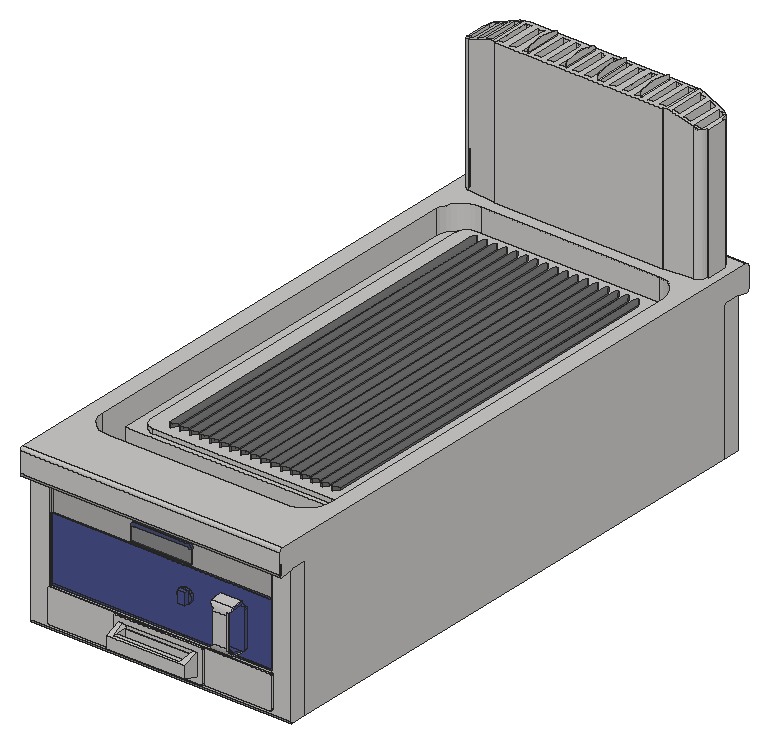
Revit family "QF_ELECTROLUXPROFESSIONAL_593320_MCHMAAHOVO", category Specialty Equipment, Revit 2018
Family settings
  Round Connector Dimension = Use Diameter
  Part Type = Normal
  Work Plane-Based = No
  Always vertical = Yes
  Cut with Voids When Loaded = No
  Shared = No
  Room Calculation Point = No
Parameters (values of type "Standard")
  Weight = 120.00 kg
  Watts = 0 W
  Volts = 0 V
  URL Manufacturer = "http://professional.electrolux.com"
  URL = "http://professional.electrolux.com"
  Steam Supply Size = 0"
  Steam Supply Minimum Pressure = 0.00 psi
  Steam Supply Maximum Pressure = 0.00 psi
  Steam Pounds per Hour = 0
  Show Clearance [instance] = yes
  Refrigeration Suction Line Size = 0 mm
  Refrigeration Liquid Line Size = 0 mm
  Refrigerant Compressor Remote = yes
  Phase = 0
  Model = "MCHMAAHOVO"
  Manufacturer = "Electrolux Professional"
  Length Actual = 800 mm  # constant formula
  Item Number = "593320"
  Hot Water Size = 0"
  Height Actual = 250 mm  # constant formula
  HP = "0 HP"
  Gas Size = 1/2"
  Gas KW = 20
  Gas Input Pressure = 1.63571 Btu/h
  Direct Waste Size = 0"
  Description = "GAS FRYTOP,SMT,TOWNGAS,2Z,800X900X250"
  Depth Actual = 900 mm  # constant formula
  Cycle = 0 Hz
  Condensate Return Size = 0"
  Compressed Air Volume = 0 GPM
  Compressed Air Size = 0"
  Compressed Air Pressure = 0.00 psi
  Cold Water Size = 0"
  Back Panel [instance] = yes
  Accessory = yes
Reference planes
  plane 1 "BACK": y = 0
  plane 2: z = 0
  plane 3 "LEFT": x = 0
  plane 4 "RIGHT": x = 400
  plane 5 "FRONT": y = -900
  plane 6 "TOP": z = 250
  plane 7: x = 200
  plane 8: y = -450
  plane 9: z = 481
  plane 10: y = -1330
Forms (mm)
  Extrusion 1, solid, material "QF_Finishes_Stainless Steel"
    sketch origin (0, -487.128, 0) x (0, 1, 0) y (0, 0, 1)
      loop
        line (483.128, 250) -> (-408.872, 250)
        arc (-408.872, 250) -> (-411.7, 248.828) -> (-412.872, 246) r 4
        line (-412.872, 246) -> (-412.872, 214)
        arc (-412.872, 214) -> (-411.443, 210.936) -> (-408.177, 210.061) r 4
        line (-408.177, 210.061) -> (-391.509, 213) -> (-366.872, 213) -> (-366.872, 0) -> (441.128, 0) -> (441.128, 213) -> (465.765, 213) -> (482.433, 210.061)
        arc (482.433, 210.061) -> (485.699, 210.936) -> (487.128, 214) r 4
        line (487.128, 214) -> (487.128, 246)
        arc (487.128, 246) -> (485.956, 248.828) -> (483.128, 250) r 4
    from 0 to 400
  Extrusion 2, solid, material "QF_Finishes_Stainless Steel", visible <- "Back Panel"
    sketch origin (0, 0, 0) x (0, 1, 0) y (0, 0, 1)
      loop
        line (-46, 0) -> (-20, 0) -> (-20, 213) -> (-46, 213) -> (-46, 0)
    from 0 to 400
  Extrusion 3, void
    sketch origin (653.786, 44.048, 250) x (1, 0, 0) y (0, -1, 0)
      loop
        line (-590.636, 138.048) -> (-316.936, 138.048)
        arc (-316.936, 138.048) -> (-289.96, 149.222) -> (-278.786, 176.198) r 38.15
        line (-278.786, 176.198) -> (-278.786, 816.572)
        arc (-278.786, 816.572) -> (-290.056, 843.779) -> (-317.263, 855.048) r 38.476
        line (-317.263, 855.048) -> (-591.786, 855.048)
        arc (-591.786, 855.048) -> (-617.949, 844.211) -> (-628.786, 818.048) r 37
        line (-628.786, 818.048) -> (-628.786, 176.198)
        arc (-628.786, 176.198) -> (-617.613, 149.222) -> (-590.636, 138.048) r 38.15
    from 0 to 37
  Extrusion 4, void
    sketch origin (1307.573, 92.096, 213) x (0, 1, 0) y (1, 0, 0)
      loop
        line (-821.846, -932.573) -> (-864.62, -932.573)
        arc (-864.62, -932.573) -> (-891.827, -943.842) -> (-903.096, -971.049) r 38.476
        line (-903.096, -971.049) -> (-903.096, -1245.573)
        arc (-903.096, -1245.573) -> (-892.259, -1271.736) -> (-866.096, -1282.573) r 37
        line (-866.096, -1282.573) -> (-821.846, -1282.573) -> (-821.846, -932.573)
    from 0 to 25.6
  Extrusion 5, void
    sketch origin (1307.573, 92.096, 187.4) x (-1, 0, 0) y (0, 1, 0)
      loop
        circle (1212.573, -862.096) r 22.248
    from 0 to 92
  Extrusion 6, solid, material "QF_Finishes_Stainless Steel"
    sketch origin (0, -854, 0) x (1, 0, 0) y (0, -1, 0)
      loop
        circle (365, -264) r 6.35
    from 0 to 3.2
  Extrusion 7, solid, material "QF_Door-Drawer Clearances", visible <- "Show Clearance", detail levels coarse
    sketch origin (237.31, -881.593, 8.62) x (0, 0, 1) y (-1, 0, 0)
      loop
        line (1.973, -134.295) -> (49.317, -134.295)
        arc (49.317, -134.295) -> (50.776, -133.691) -> (51.38, -132.232) r 2.063
        line (51.38, -132.232) -> (51.38, 206.852)
        arc (51.38, 206.852) -> (50.88, 208.549) -> (49.541, 209.705) r 3.133
        line (49.541, 209.705) -> (3.067, 209.705)
        arc (3.067, 209.705) -> (0.898, 208.807) -> (0, 206.638) r 3.067
        line (0, 206.638) -> (0, -132.322)
        arc (0, -132.322) -> (0.578, -133.717) -> (1.973, -134.295) r 1.973
    from 0 to 448.407
  Extrusion 8, solid, material "QF_Clearances", visible <- "Show Clearance", detail levels coarse
    sketch origin (-178.969, -4572, 0) x (-1, 0, 0) y (0, -1, 0)
      loop
        line (-78.969, -3672) -> (-178.969, -3672) -> (-178.969, -4572) -> (-578.969, -4572) -> (-578.969, -3672) -> (-678.969, -3672) -> (-678.969, -4672) -> (-78.969, -4672) -> (-78.969, -3672)
    from 0 to 250
Cuts and joins
  Extrusion 3, Extrusion 4, Extrusion 5 cuts Extrusion 1
Lines and regions (mm)
  symbolic lines
    curve 1: line (293.666, -902.326, 0) -> (293.666, -900, 0)
    curve 2: spline (299.334, -903.73, 0) -> (298.856, -903.657, 0) -> (298.378, -903.575, 0) -> (297.901, -903.486, 0) -> (297.425, -903.389, 0) -> (296.95, -903.283, 0) -> (296.476, -903.17, 0) -> (296.004, -903.049, 0) -> (295.533, -902.92, 0) -> (295.064, -902.783, 0) -> (294.596, -902.638, 0) -> (294.13, -902.486, 0) -> (293.666, -902.326, 0)
    curve 3: line (325.881, -902.326, 0) -> (325.881, -900, 0)
    curve 4: spline (325.881, -902.326, 0) -> (325.417, -902.486, 0) -> (324.951, -902.638, 0) -> (324.483, -902.783, 0) -> (324.014, -902.92, 0) -> (323.543, -903.049, 0) -> (323.071, -903.17, 0) -> (322.597, -903.283, 0) -> (322.122, -903.389, 0) -> (321.646, -903.486, 0) -> (321.169, -903.575, 0) -> (320.691, -903.657, 0) -> (320.213, -903.73, 0)
    curve 5: line (299.334, -903.73, 0) -> (320.213, -903.73, 0)
    curve 6: line (25, -774, 0) -> (25, -132.15, 0)
    curve 7: arc (25, -132.15, 0) -> (36.174, -105.174, 0) -> (63.15, -94, 0) r 38.15
    curve 8: line (63.15, -94, 0) -> (336.85, -94, 0)
    curve 9: arc (336.85, -94, 0) -> (363.826, -105.174, 0) -> (375, -132.15, 0) r 38.15
    curve 10: line (375, -132.15, 0) -> (375, -772.524, 0)
    curve 11: arc (375, -772.524, 0) -> (363.731, -799.731, 0) -> (336.524, -811, 0) r 38.476
    curve 12: line (336.524, -811, 0) -> (62, -811, 0)
    curve 13: arc (62, -811, 0) -> (35.837, -800.163, 0) -> (25, -774, 0) r 37
    curve 14: line (375, -729.75, 0) -> (25, -729.75, 0)
    curve 15: circle (95, -770, 0) r 22.248 normal (0, 0, -1)
    curve 16: line (0, 0, 0) -> (400, 0, 0)
    curve 17: line (0, -900, 0) -> (0, 0, 0)
    curve 18: line (400, -900, 0) -> (0, -900, 0)
    curve 19: line (400, 0, 0) -> (400, -900, 0)
    curve 20: line (147.608, -908.767, 0) -> (250.042, -908.767, 0)
    curve 21: line (250.042, -908.767, 0) -> (251.588, -900, 0)
    curve 22: line (147.608, -908.767, 0) -> (146.062, -900, 0)
  symbolic lines, style "QF_Door-Drawer Clearances"
    curve 23: line (27.605, -1330, 0) -> (27.605, -900, 0)
    curve 24: line (27.605, -1330, 0) -> (371.605, -1330, 0)
    curve 25: line (371.605, -1330, 0) -> (371.605, -900, 0)
  symbolic lines, style "QF_Clearances", visible <- "Show Clearance", detail levels coarse
    curve 26: line (-100, 100, 0) -> (-100, -900, 0)
    curve 27: line (500, 100, 0) -> (-100, 100, 0)
    curve 28: line (500, -900, 0) -> (500, 100, 0)
Dimensions and locks
  plane 3 "LEFT" to plane 4 "RIGHT" = 400 mm
  plane 5 "FRONT" to plane 1 "BACK" = 900 mm
  equal spacing: plane 3 "LEFT", plane 7, plane 4 "RIGHT"
  equal spacing: plane 5 "FRONT", plane 8, plane 1 "BACK"
  plane 6 "TOP" to level = 250 mm  (x2)
  plane 1 "BACK" to plane 5 "FRONT" = 900 mm
  Extrusion 6 sketch curve to plane 1 "BACK" = 590 mm
  Extrusion 6 sketch curve to plane 4 "RIGHT" = 35 mm
  plane 5 "FRONT" to plane 10 = 430 mm
  plane 9 to plane 6 "TOP" = 231 mm
  plane 9 to level = 481 mm
  Extrusion 8 to plane 3 "LEFT" = 100 mm
  plane 4 "RIGHT" to Extrusion 8 = 100 mm
  plane 1 "BACK" to Extrusion 8 = 100 mm
  aligned and locked: level to plane 2
  aligned and locked: plane 7 to nested 1
  aligned and locked: Extrusion 7 to plane 10
  aligned and locked: nested 2 to plane 6 "TOP"
  aligned and locked: plane 6 "TOP" to Extrusion 8
  aligned and locked: plane 7 to nested 3
Automatic sketch dimensions
  Extrusion 2 sketch curve to Extrusion 2 sketch curve = 26 mm
  plane 1 "BACK" to Extrusion 2 sketch curve = 20 mm
  Extrusion 1 to Extrusion 3 sketch curve = 90 mm
  Extrusion 1 to Extrusion 3 sketch curve = 122 mm
  Extrusion 1 to Extrusion 3 sketch curve = 25 mm
  Extrusion 3 sketch curve to Extrusion 3 sketch curve = 38.15 mm  (x2)
  Extrusion 1 to Extrusion 3 sketch curve = 123.476 mm
  Extrusion 1 to Extrusion 3 sketch curve = 85 mm
  Extrusion 3 sketch curve to Extrusion 3 sketch curve = 274.524 mm
  Extrusion 1 sketch curve to plane 5 "FRONT" = 0 mm
  Extrusion 1 sketch curve to plane 6 "TOP" = 0 mm
  Extrusion 1 sketch curve to level = 0 mm
  Extrusion 1 sketch curve to plane 1 "BACK" = 0 mm
  Extrusion 1 sketch curve to plane 6 "TOP" = 37 mm  (x2)
  Extrusion 1 sketch curve to plane 5 "FRONT" = 4 mm
  Extrusion 1 sketch curve to plane 5 "FRONT" = 21.363 mm
  Extrusion 1 sketch curve to plane 5 "FRONT" = 46 mm
  plane 1 "BACK" to Extrusion 1 sketch curve = 21.363 mm
  plane 1 "BACK" to Extrusion 1 sketch curve = 4 mm  (x2)
  Extrusion 1 sketch curve to Extrusion 1 sketch curve = 4 mm
  Extrusion 1 sketch curve to Extrusion 1 sketch curve = 0.695 mm
  Extrusion 1 sketch curve to Extrusion 1 sketch curve = 0 mm  (x4)
  plane 1 "BACK" to Extrusion 1 sketch curve = 4.695 mm
  Extrusion 1 sketch curve to Extrusion 1 sketch curve = 1 mm  (x2)
  plane 1 "BACK" to Extrusion 1 sketch curve = 46 mm
  Extrusion 4 sketch curve to Extrusion 3 = 81.25 mm
  Extrusion 3 to Extrusion 4 sketch curve = 0 mm  (x2)
  Extrusion 4 sketch curve to Extrusion 4 sketch curve = 37 mm
  Extrusion 4 sketch curve to Extrusion 4 sketch curve = 274.524 mm
  Extrusion 4 sketch curve to Extrusion 3 = 38.476 mm
  Extrusion 5 sketch curve to Extrusion 4 = 41 mm
  Extrusion 5 sketch curve to Extrusion 4 = 70 mm
  Extrusion 7 sketch curve to nested 1 = 1.973 mm
  Extrusion 7 sketch curve to nested 1 = 2.853 mm
  Extrusion 7 sketch curve to nested 1 = 1.839 mm
  plane 1 "BACK" to curve 16 = 0 mm
  curve 16 to plane 4 "RIGHT" = 0 mm
  curve 23 to plane 10 = 0 mm
  curve 17 to plane 3 "LEFT" = 0 mm
  plane 5 "FRONT" to curve 25 = 0 mm
  plane 4 "RIGHT" to curve 10 = 25 mm
  curve 10 to curve 8 = 38.15 mm
  curve 11 to curve 12 = 38.476 mm
  plane 5 "FRONT" to curve 21 = 8.767 mm
  plane 5 "FRONT" to curve 3 = 2.326 mm
  plane 7 to curve 3 = 125.881 mm
  plane 5 "FRONT" to curve 5 = 3.73 mm
  curve 3 to curve 5 = 5.669 mm
  curve 5 to curve 22 = 172.605 mm
  curve 5 to curve 20 = 151.727 mm
  plane 5 "FRONT" to curve 1 = 2.326 mm
  curve 2 to curve 1 = 5.669 mm
  plane 3 "LEFT" to curve 8 = 63.15 mm
  plane 3 "LEFT" to curve 12 = 62 mm
  plane 3 "LEFT" to curve 23 = 27.605 mm
  plane 3 "LEFT" to curve 6 = 25 mm
  plane 4 "RIGHT" to curve 25 = 28.395 mm
  plane 5 "FRONT" to curve 4 = 4.032 mm
  curve 5 to curve 4 = 4.17 mm
  curve 4 to curve 22 = 169.98 mm
  curve 4 to curve 2 = 12.538 mm
  curve 15 to curve 13 = 33 mm
  plane 1 "BACK" to curve 8 = 94 mm
  curve 10 to plane 5 "FRONT" = 127.476 mm
  curve 14 to curve 13 = 44.25 mm
  curve 15 to curve 13 = 4 mm
  curve 2 to curve 4 = 0 mm
  plane 7 to curve 21 = 50.042 mm
  curve 21 to curve 20 = 1.546 mm
  plane 1 "BACK" to Extrusion 8 sketch curve = 0 mm
  plane 5 "FRONT" to Extrusion 8 sketch curve = 0 mm  (x2)
  Extrusion 8 sketch curve to plane 4 "RIGHT" = 100 mm
  Extrusion 8 sketch curve to plane 1 "BACK" = 100 mm
  Extrusion 8 sketch curve to plane 3 "LEFT" = 100 mm
  Extrusion 8 sketch curve to plane 3 "LEFT" = 0 mm
  Extrusion 8 sketch curve to plane 4 "RIGHT" = 0 mm
  curve 26 to plane 3 "LEFT" = 100 mm
  curve 26 to plane 1 "BACK" = 100 mm
  plane 5 "FRONT" to curve 26 = 0 mm
  curve 27 to plane 4 "RIGHT" = 100 mm
  plane 5 "FRONT" to curve 28 = 0 mm
  Extrusion 2 sketch curve to level = 0 mm
  Extrusion 2 sketch curve to plane 6 "TOP" = 37 mm
  radius of Extrusion 5 sketch curve = 22.248 mm
  radius of Extrusion 6 sketch curve = 6.35 mm
  radius of Extrusion 7 sketch curve to nested 1 = 0 mm  (x2)
  radius of curve 15 = 22.248 mm
Nested families
  nested 1: "GG_900_400 Front Panel with Center Grease Trap" at (202.376, -854, -650), type "GG_900_400 Front Panel with Center Grease Trap"
  nested 2: "GG_900_Flute for 400 fryer" at (404.201, -5, -635.571), type "GG_900_Flute for 400 fryer"
  nested 3: "GG_900_400 mm Full Grate" at (200, -411.875, -675), type "GG_900_400 mm Full Grate"
Connectors
  piping at (365, -590, -3.2), diameter 12.8
    settings: on Extrusion 6, index 1, connector inside diameter 0.50394", connector length 0 mm, flow factor 0, pipe flow 0 GPM, pressure drop 0.00 psi, fitting loss kfactor 0, connector angle 0.00°, fixture units 0, engagement length 0 mm, angle of deflection 0.00°, flow configuration 1, flow direction 1, fitting loss method 0, system type 7, joint type 0, gender type 0, connector reference index -1, connector utility 0, adjustable connector no, is connector primary yes, connector description "GAS CONNECTION"
Definition of nested family "GG_900_400 Front Panel with Center Grease Trap"
  Reference planes
    plane 1 "Center (Front/Back)": y = 0
    plane 2: z = 0
    plane 3 "Center (Left/Right)": x = -2.376
    plane 4: x = -202.376
    plane 5: x = 197.624
  Forms (mm)
    Extrusion 1, solid
      sketch origin (833.217, 829.203, -1.25) x (0, 1, 0) y (0, 0, 1)
        loop
          arc (-854.203, 654.25) -> (-853.324, 652.129) -> (-851.203, 651.25) r 3
          line (-851.203, 651.25) -> (-829.203, 651.25) -> (-829.203, 864.25) -> (-854.203, 864.25) -> (-854.203, 654.25)
      from -1035.593 to -635.593
    Extrusion 2, void
      sketch origin (33.217, 829.203, -1.25) x (1, 0, 0) y (0, 0, 1)
        loop
          line (-207.593, 855.116) -> (-207.593, 713.116) -> (136.407, 713.116) -> (136.407, 855.116) -> (-207.593, 855.116)
      from 848.59 to 854.203
    Extrusion 3, solid
      sketch origin (-166.718, -23.053, 847.184) x (0, 0, -1) y (1, 0, 0)
        loop
          circle (77.168, 200.901) r 11
      from 0 to 3.2
    Extrusion 4, solid
      sketch origin (-166.718, -26.253, 847.184) x (0, 0, -1) y (1, 0, 0)
        loop
          line (67.962, 195.586) -> (86.297, 195.586) -> (86.297, 206.217) -> (67.962, 206.217) -> (67.962, 195.586)
      from 0 to 6.4
  Cuts and joins
    Extrusion 2 cuts Extrusion 1
  Dimensions and locks
    equal spacing: plane 5, plane 3 "Center (Left/Right)", plane 4
    plane 5 to plane 4 = 400 mm
    plane 5 to nested 1 = 90 mm
    aligned and locked: cut or joined group of Extrusion 1, Extrusion 2 to plane 4
    aligned and locked: plane 5 to cut or joined group of Extrusion 1, Extrusion 2
    aligned and locked: plane 3 "Center (Left/Right)" to nested 2
    aligned and locked: cut or joined group of Extrusion 1, Extrusion 2 to nested 2
    aligned and locked: plane 3 "Center (Left/Right)" to nested 3
  Automatic sketch dimensions
    Extrusion 1 sketch curve to plane 1 "Center (Front/Back)" = 0 mm
    plane 1 "Center (Front/Back)" to Extrusion 1 sketch curve = 22 mm
    Extrusion 1 sketch curve to Extrusion 1 sketch curve = 3 mm
    level to Extrusion 1 sketch curve = 650 mm
    Extrusion 1 sketch curve to Extrusion 1 sketch curve = 210 mm
    plane 4 to Extrusion 2 sketch curve = 28 mm
    Extrusion 2 sketch curve to plane 5 = 28 mm
    level to Extrusion 2 sketch curve = 711.866 mm
    Extrusion 2 sketch curve to Extrusion 2 sketch curve = 142 mm
    nested 2 to Extrusion 3 sketch curve = 40.144 mm
    Extrusion 3 sketch curve to nested 2 = 132.531 mm
    Extrusion 4 sketch curve to Extrusion 4 sketch curve = 18.335 mm
    Extrusion 4 sketch curve to Extrusion 4 sketch curve = 10.631 mm
    radius of Extrusion 3 sketch curve = 11 mm
  Nested families
    nested 1: "Range Control Handle" at (107.624, -28.137, -209.113) x (-1, 0, 0) z (0, 0, 1), type "Range Control Handle"
    nested 2: "glass conrol panel" at (-2.376, 280.644, 2.752), type "glass conrol panel"
    nested 3: "grease trap door" at (65.223, -25, 0.608) x (-1, 0, 0) z (0, 0, 1), type "grease trap door"
  Definition of nested family "Range Control Handle"
    Reference planes
      plane 1 "Center (Front/Back)": y = 0
      plane 2: z = 0
      plane 3 "Center (Left/Right)": x = 0
      plane 4: z = 971.092
    Forms (mm)
      Extrusion 1, solid
        sketch origin (-746.28, 380.497, 208.931) x (-1, 0, 0) y (0, 0, 1)
          loop
            line (-770.101, 786.798) -> (-770.101, 731.649)
            arc (-770.101, 731.649) -> (-769.759, 730.563) -> (-768.855, 729.87) r 1.893
            line (-768.855, 729.87) -> (-763.474, 727.911) -> (-729.81, 727.911) -> (-724.428, 729.87)
            arc (-724.428, 729.87) -> (-723.525, 730.563) -> (-723.183, 731.649) r 1.893
            line (-723.183, 731.649) -> (-723.183, 786.798)
            arc (-723.183, 786.798) -> (-723.529, 787.894) -> (-724.44, 788.593) r 1.91
            line (-724.44, 788.593) -> (-729.683, 790.819) -> (-763.601, 790.819) -> (-768.844, 788.593)
            arc (-768.844, 788.593) -> (-769.755, 787.894) -> (-770.101, 786.798) r 1.91
        from -382.35 to -378.852
      Sweep 2, solid
        path origin (-746.788, 380.496, 208.091) x (0, -1, 0) y (0, 0, 1)
          loop
            line (379.775, 793.281) -> (395.661, 791.048)
            arc (395.661, 791.048) -> (397.781, 787.377) -> (398.517, 783.202) r 12.207
            line (398.517, 783.202) -> (398.517, 737.368)
            arc (398.517, 737.368) -> (397.781, 733.193) -> (395.661, 729.522) r 12.207
            line (395.661, 729.522) -> (379.775, 727.289)
        profile origin (-746.788, -7.222, 1000.256) x (0, -0.139173, 0.990268) y (-1, 0, 0)
          loop
            line (0.782, -763.123) -> (0.782, -730.907) -> (-1.322, -730.907) -> (-1.322, -763.123) -> (0.782, -763.123)
      Sweep 3, solid
        path origin (-746.788, 380.715, 207.832) x (0, -1, 0) y (0, 0, 1)
          loop
            line (380.478, 795.442) -> (397.218, 793.09)
            arc (397.218, 793.09) -> (399.929, 788.473) -> (400.871, 783.202) r 15.207
            line (400.871, 783.202) -> (400.871, 737.584)
            arc (400.871, 737.584) -> (399.914, 732.274) -> (397.164, 727.633) r 15.207
            line (397.164, 727.633) -> (380.601, 725.305)
        profile origin (-746.788, -8.132, 1002.099) x (0, -0.139173, 0.990268) y (-1, 0, 0)
          loop
            line (0.782, -763.123) -> (0.782, -730.907) -> (-1.322, -730.907) -> (-1.322, -763.123) -> (0.782, -763.123)
      Extrusion 4, void
        sketch origin (889.253, 220.666, 207.993) x (1, 0, 0) y (0, 0, 1)
          loop
            line (-943.038, 816.854) -> (-943.038, 703.686) -> (-899.466, 734.196) -> (-899.466, 786.344) -> (-943.038, 816.854)
        from 230.636 to 242.25
      Extrusion 5, void
        sketch origin (-888.8, 220.666, 207.993) x (-1, 0, 0) y (0, 0, -1)
          loop
            line (-943.038, -816.854) -> (-899.466, -786.344) -> (-899.466, -734.196) -> (-943.038, -703.686) -> (-943.038, -816.854)
        from 230.636 to 242.25
      Extrusion 6, solid
        sketch origin (0, 0, 0) x (1, 0, 0) y (0, 0, 1)
          loop
            circle (0, 971.092) r 7.736
        from -3.137 to -1.645
    Cuts and joins
      Extrusion 4, Extrusion 5 cuts Sweep 3
      Extrusion 4, Extrusion 5 cuts Sweep 2
      joined: Extrusion 1, Extrusion 6
    Lines and regions (mm)
      symbolic lines
        curve 1: line (23.821, 1.645, 0) -> (-23.097, 1.645, 0)
        curve 2: line (16.334, -1.853, 0) -> (23.821, -1.853, 0)
        curve 3: line (-15.881, -19.189, 0) -> (-15.881, -1.853, 0)
        curve 4: line (-23.097, -1.853, 0) -> (-15.881, -1.853, 0)
        curve 5: line (16.334, -19.189, 0) -> (16.334, -1.853, 0)
        curve 6: spline (-15.881, -19.189, 0) -> (-15.417, -19.349, 0) -> (-14.951, -19.501, 0) -> (-14.483, -19.646, 0) -> (-14.014, -19.783, 0) -> (-13.543, -19.912, 0) -> (-13.071, -20.033, 0) -> (-12.597, -20.146, 0) -> (-12.122, -20.251, 0) -> (-11.646, -20.349, 0) -> (-11.169, -20.438, 0) -> (-10.691, -20.52, 0) -> (-10.213, -20.593, 0)
        curve 7: spline (10.666, -20.593, 0) -> (11.144, -20.52, 0) -> (11.622, -20.438, 0) -> (12.099, -20.349, 0) -> (12.575, -20.251, 0) -> (13.05, -20.146, 0) -> (13.524, -20.033, 0) -> (13.996, -19.912, 0) -> (14.467, -19.783, 0) -> (14.936, -19.646, 0) -> (15.404, -19.501, 0) -> (15.87, -19.349, 0) -> (16.334, -19.189, 0)
        curve 8: line (-10.213, -20.938, 0) -> (10.716, -20.938, 0)
        curve 9: line (-23.097, 1.645, 0) -> (-23.097, -1.853, 0)
        curve 10: line (23.821, 1.645, 0) -> (23.821, -1.853, 0)
  Definition of nested family "glass conrol panel"
    Reference planes
      plane 1 "Center (Front/Back)": y = 0
      plane 2: z = 0
      plane 3 "Center (Left/Right)": x = 0
    Forms (mm)
      Extrusion 1, solid
        sketch origin (378.286, 0, 0.617) x (1, 0, 0) y (0, 0, 1)
          loop
            line (-550.286, 806.791) -> (-550.286, 708.497) -> (-206.286, 708.497) -> (-206.286, 806.791) -> (-550.286, 806.791)
        from 300.031 to 304.8
      Extrusion 2, solid
        sketch origin (378.286, 0, 0.617) x (1, 0, 0) y (0, 0, 1)
          loop
            line (-550.286, 850.497) -> (-550.286, 806.791) -> (-206.286, 806.791) -> (-206.286, 850.497) -> (-550.286, 850.497)
        from 300.031 to 304.8
      Extrusion 3, void
        sketch origin (378.286, 0, 0.617) x (1, 0, 0) y (0, 0, 1)
          loop
            line (-547.628, 847.565) -> (-547.628, 710.699) -> (-209.196, 710.699) -> (-209.196, 847.565) -> (-547.628, 847.565)
        from 303.697 to 304.8
      Extrusion 4, solid
        sketch origin (-308.309, 1.101, -0.633) x (-1, 0, 0) y (0, 0, -1)
          loop
            line (-261.431, -812.62) -> (-355.186, -812.62) -> (-355.186, -834.177) -> (-350.269, -834.177) -> (-348.469, -835.977) -> (-268.039, -835.977) -> (-266.24, -834.177) -> (-261.431, -834.177) -> (-261.431, -812.62)
        from 304.798 to 306.745
      Extrusion 5, solid
        sketch origin (-308.309, 1.101, -0.633) x (-1, 0, 0) y (0, 0, -1)
          loop
            line (-350.269, -834.177) -> (-355.078, -834.177)
            arc (-355.078, -834.177) -> (-353.942, -838.747) -> (-349.686, -840.763) r 5.5
            line (-349.686, -840.763) -> (-266.98, -840.763)
            arc (-266.98, -840.763) -> (-262.706, -838.752) -> (-261.529, -834.177) r 5.549
            line (-261.529, -834.177) -> (-266.24, -834.177) -> (-268.039, -835.977) -> (-348.469, -835.977) -> (-350.269, -834.177)
        from 304.798 to 306.745
    Cuts and joins
      Extrusion 3 cuts Extrusion 1
      Extrusion 3 cuts Extrusion 2
    Dimensions and locks
      aligned and locked: Extrusion 1 to Extrusion 2
      aligned and locked: Extrusion 5 sketch curve to Extrusion 4  (x5)
      aligned and locked: Extrusion 5 to Extrusion 4
  Definition of nested family "grease trap door"
    Reference planes
      plane 1 "Center (Front/Back)": y = 0
      plane 2: z = 0
      plane 3 "Center (Left/Right)": x = 0
    Forms (mm)
      Extrusion 1, solid
        sketch origin (1627.55, 854.203, -1.25) x (1, 0, 0) y (0, 0, 1)
          loop
            arc (-1627.55, 661.235) -> (-1626.972, 659.84) -> (-1625.577, 659.262) r 1.973
            line (-1625.577, 659.262) -> (-1494.325, 659.262)
            arc (-1494.325, 659.262) -> (-1492.156, 660.16) -> (-1491.258, 662.329) r 3.067
            line (-1491.258, 662.329) -> (-1491.258, 708.803)
            arc (-1491.258, 708.803) -> (-1492.414, 710.143) -> (-1494.111, 710.642) r 3.133
            line (-1494.111, 710.642) -> (-1625.486, 710.642)
            arc (-1625.486, 710.642) -> (-1626.945, 710.038) -> (-1627.55, 708.579) r 2.063
            line (-1627.55, 708.579) -> (-1627.55, 661.235)
        from 856.795 to 859.203
      Extrusion 2, solid
        sketch origin (445.874, 2476.61, 0) x (0, 1, 0) y (0, 0, 1)
          loop
            line (-2506.377, 675.273) -> (-2481.61, 667.505) -> (-2481.61, 700.995) -> (-2506.377, 693.227) -> (-2506.377, 675.273)
        from -437.68 to -317.68
      Extrusion 3, void
        sketch origin (1627.55, 854.203, -1.25) x (1, 0, 0) y (0, 0, 1)
          loop
            line (-1614.883, 703) -> (-1610.542, 695.433) -> (-1508.17, 695.433) -> (-1503.828, 703) -> (-1614.883, 703)
          loop
            line (-1614.883, 668) -> (-1502.669, 668) -> (-1507.01, 675.567) -> (-1610.542, 675.567) -> (-1614.883, 668)
        from 832.916 to 883.97
      Extrusion 4, void
        sketch origin (447.55, 854.203, -1.25) x (1, 0, 0) y (0, 0, 1)
          loop
            line (-430.542, 695.433) -> (-430.542, 675.567) -> (-328.17, 675.567) -> (-328.17, 695.433) -> (-430.542, 695.433)
        from 859.203 to 874.202
      Extrusion 5, solid
        sketch origin (1627.55, 854.203, -1.25) x (1, 0, 0) y (0, 0, 1)
          loop
            arc (-1731.556, 661.235) -> (-1730.978, 659.84) -> (-1729.583, 659.262) r 1.973
            line (-1729.583, 659.262) -> (-1390.623, 659.262)
            arc (-1390.623, 659.262) -> (-1388.454, 660.16) -> (-1387.556, 662.329) r 3.067
            line (-1387.556, 662.329) -> (-1387.556, 708.803)
            arc (-1387.556, 708.803) -> (-1388.712, 710.143) -> (-1390.409, 710.642) r 3.133
            line (-1390.409, 710.642) -> (-1729.493, 710.642)
            arc (-1729.493, 710.642) -> (-1730.952, 710.038) -> (-1731.556, 708.579) r 2.063
            line (-1731.556, 708.579) -> (-1731.556, 661.235)
        from 854.203 to 856.795
    Cuts and joins
      Extrusion 3 cuts Extrusion 1
      Extrusion 3, Extrusion 4 cuts Extrusion 2
      joined: Extrusion 1, Extrusion 2
    Lines and regions (mm)
      symbolic lines
        curve 1: line (0, -2.593, 0) -> (136.292, -2.593, 0)
        curve 2: line (17.557, -29.767, 0) -> (12.667, -2.593, 0)
        curve 3: line (17.557, -29.767, 0) -> (119.991, -29.767, 0)
        curve 4: line (119.991, -29.767, 0) -> (124.881, -2.593, 0)
        curve 5: line (68.146, -2.593, 0) -> (68.146, -29.767, 0)
      model lines
        curve 6: line (67.599, 0, 658.012) -> (67.599, 0, 709.392)
    Dimensions and locks
      aligned and locked: Extrusion 2 to Extrusion 1
      aligned and locked: Extrusion 3 to Extrusion 2
      aligned and locked: Extrusion 4 to Extrusion 1
Definition of nested family "GG_900_Flute for 400 fryer"
  Reference planes
    plane 1 "Center (Front/Back)": y = 0
    plane 2: z = 0
    plane 3 "Center (Left/Right)": x = -138.888
    plane 4: x = -388.888
    plane 5: y = -37.994
    plane 6: x = -24.888
    plane 7: x = -382.888
    plane 8: x = -341.546
    plane 9: x = -397.742
    plane 10: x = -10.763
  Forms (mm)
    Extrusion 1, solid
      sketch origin (3208.371, -22.924, -275.679) x (1, 0, 0) y (0, 0, 1)
        loop
          line (-3597.259, 1365.162) -> (-3597.259, 1161.25) -> (-3227.259, 1161.25) -> (-3227.259, 1364.934) -> (-3271.553, 1381.055)
          arc (-3271.553, 1381.055) -> (-3274.994, 1381.949) -> (-3278.536, 1382.25) r 21
          line (-3278.536, 1382.25) -> (-3546.608, 1382.25)
          arc (-3546.608, 1382.25) -> (-3550.146, 1381.95) -> (-3553.582, 1381.058) r 21
          line (-3553.582, 1381.058) -> (-3597.259, 1365.162)
      from -17.885 to 48.024
    Extrusion 2, void
      sketch origin (3110.917, -926.426, -226.348) x (1, 0, 0) y (0, 1, 0)
        loop
          line (-3444.887, 915.362) -> (-3444.887, 861.502) -> (-3434.887, 861.502) -> (-3434.887, 915.362) -> (-3444.887, 915.362)
      from 1111.919 to 1332.919
    Extrusion 3, void
      sketch origin (0, 0, 0) x (1, 0, 0) y (0, 1, 0)
        loop
          line (-373.021, -61.567) -> (-373.021, -14.408) -> (-377.678, -14.821)
          spline (-377.678, -14.821) -> (-378.371, -14.929) -> (-379.046, -15.126) -> (-379.692, -15.41) -> (-380.301, -15.777) -> (-380.864, -16.22) -> (-381.37, -16.734) -> (-381.814, -17.309) -> (-382.188, -17.939) -> (-382.486, -18.613) -> (-382.704, -19.32) -> (-382.839, -20.051) -> (-382.888, -20.793)
          line (-382.888, -20.793) -> (-382.888, -55.104)
          spline (-382.888, -55.104) -> (-382.855, -55.807) -> (-382.746, -56.501) -> (-382.562, -57.176) -> (-382.305, -57.825) -> (-381.98, -58.437) -> (-381.589, -59.005) -> (-381.14, -59.521) -> (-380.637, -59.978) -> (-380.087, -60.369) -> (-379.499, -60.69) -> (-378.879, -60.936) -> (-378.237, -61.104)
          line (-378.237, -61.104) -> (-373.021, -61.567)
        loop
          line (-367.195, -62.083) -> (-357.328, -62.958) -> (-357.328, -13.046) -> (-367.195, -13.892) -> (-367.195, -62.083)
        loop
          line (-351.502, -12.529) -> (-351.502, -63.476) -> (-341.546, -64.358) -> (-341.546, -11.645) -> (-351.502, -12.529)
        loop
          line (-29.412, -14.802) -> (-33.505, -14.439) -> (-33.505, -61.567) -> (-28.848, -61.184)
          spline (-28.848, -61.184) -> (-28.15, -61.075) -> (-27.471, -60.875) -> (-26.82, -60.588) -> (-26.208, -60.217) -> (-25.644, -59.768) -> (-25.136, -59.248) -> (-24.692, -58.666) -> (-24.32, -58.029) -> (-24.024, -57.349) -> (-23.81, -56.634) -> (-23.681, -55.897) -> (-23.638, -55.149)
          line (-23.638, -55.149) -> (-23.638, -20.839)
          spline (-23.638, -20.839) -> (-23.689, -20.042) -> (-23.837, -19.26) -> (-24.082, -18.505) -> (-24.417, -17.791) -> (-24.838, -17.13) -> (-25.338, -16.534) -> (-25.906, -16.014) -> (-26.535, -15.577) -> (-27.211, -15.233) -> (-27.925, -14.986) -> (-28.663, -14.842) -> (-29.412, -14.802)
        loop
          line (-39.331, -13.922) -> (-49.198, -13.046) -> (-49.198, -62.989) -> (-39.331, -62.113) -> (-39.331, -13.922)
        loop
          line (-64.98, -11.615) -> (-64.98, -64.389) -> (-55.024, -63.506) -> (-55.024, -12.499) -> (-64.98, -11.615)
      from 885.571 to 1106.571
    Extrusion 4, void
      sketch origin (5.432, 225.414, 0) x (1, 0, 0) y (0, 1, 0)
        loop
          spline (-382.452, -291.267) -> (-383.887, -291.038) -> (-385.284, -290.622) -> (-386.623, -290.026) -> (-387.883, -289.259) -> (-389.044, -288.332) -> (-390.088, -287.26) -> (-391.001, -286.059) -> (-391.767, -284.747) -> (-392.375, -283.345) -> (-392.817, -281.874) -> (-393.084, -280.356) -> (-393.174, -278.815)
          line (-393.174, -278.815) -> (-403.174, -278.815) -> (-403.174, -302.496) -> (-338.779, -302.496) -> (-338.779, -295.112) -> (-382.452, -291.267)
        loop
          line (-382.452, -235.548) -> (-338.508, -231.703) -> (-338.508, -224.32) -> (-403.174, -224.32) -> (-403.174, -248.001) -> (-393.174, -248.001)
          spline (-393.174, -248.001) -> (-393.084, -246.459) -> (-392.817, -244.941) -> (-392.375, -243.47) -> (-391.767, -242.068) -> (-391.001, -240.757) -> (-390.088, -239.556) -> (-389.044, -238.484) -> (-387.883, -237.557) -> (-386.623, -236.79) -> (-385.284, -236.194) -> (-383.887, -235.778) -> (-382.452, -235.548)
        loop
          line (-36.918, -291.267) -> (-80.794, -295.112) -> (-80.794, -302.496) -> (-16.195, -302.496) -> (-16.195, -278.815) -> (-26.195, -278.815)
          spline (-26.195, -278.815) -> (-26.285, -280.356) -> (-26.553, -281.874) -> (-26.994, -283.345) -> (-27.602, -284.747) -> (-28.369, -286.059) -> (-29.281, -287.26) -> (-30.326, -288.332) -> (-31.487, -289.259) -> (-32.746, -290.026) -> (-34.085, -290.622) -> (-35.482, -291.038) -> (-36.918, -291.267)
        loop
          spline (-36.918, -235.548) -> (-35.482, -235.778) -> (-34.085, -236.194) -> (-32.746, -236.79) -> (-31.487, -237.557) -> (-30.326, -238.484) -> (-29.281, -239.556) -> (-28.369, -240.757) -> (-27.602, -242.068) -> (-26.994, -243.47) -> (-26.553, -244.941) -> (-26.285, -246.459) -> (-26.195, -248.001)
          line (-26.195, -248.001) -> (-16.195, -248.001) -> (-16.195, -224.32) -> (-80.861, -224.32) -> (-80.861, -231.703) -> (-36.918, -235.548)
      from 0 to 1124.213
    Extrusion 5, solid
      sketch origin (-119.329, 1835.371, -536.725) x (0, 1, 0) y (0, 0, 1)
        loop
          line (-1849.66, 1651.2) -> (-1860.917, 1653.592)
          arc (-1860.917, 1653.592) -> (-1873.392, 1654.903) -> (-1885.866, 1653.592) r 60
          line (-1885.866, 1653.592) -> (-1897.123, 1651.2)
          arc (-1897.123, 1651.2) -> (-1899.403, 1649.803) -> (-1900.294, 1647.286) r 4
          line (-1900.294, 1647.286) -> (-1900.294, 1644.257) -> (-1846.435, 1644.257) -> (-1846.435, 1647.286)
          arc (-1846.435, 1647.286) -> (-1847.327, 1649.803) -> (-1849.603, 1651.198) r 4
      from 4.99 to 5.968
    Extrusion 6, solid
      sketch origin (1141.179, -0.446, -506.698) x (1, 0, 0) y (0, 0, 1)
        loop
          line (-1428.929, 1613.23) -> (-1427.196, 1613.23)
          arc (-1427.196, 1613.23) -> (-1426.997, 1613.712) -> (-1426.929, 1614.23) r 2
          line (-1426.929, 1614.23) -> (-1427.929, 1614.23)
          arc (-1427.929, 1614.23) -> (-1428.221, 1613.523) -> (-1428.929, 1613.23) r 1
      from 10.618 to 64.478
    Extrusion 7, solid
      sketch origin (-299.878, 1835.371, -536.725) x (0, 1, 0) y (0, 0, 1)
        loop
          line (-1849.66, 1651.2) -> (-1860.917, 1653.592)
          arc (-1860.917, 1653.592) -> (-1873.392, 1654.903) -> (-1885.866, 1653.592) r 60
          line (-1885.866, 1653.592) -> (-1897.123, 1651.2)
          arc (-1897.123, 1651.2) -> (-1899.403, 1649.803) -> (-1900.294, 1647.286) r 4
          line (-1900.294, 1647.286) -> (-1900.294, 1644.257) -> (-1846.435, 1644.257) -> (-1846.435, 1647.286)
          arc (-1846.435, 1647.286) -> (-1847.327, 1649.803) -> (-1849.603, 1651.198) r 4
      from 13.128 to 14.364
    Extrusion 8, solid
      sketch origin (1199.162, -0.446, -506.698) x (1, 0, 0) y (0, 0, 1)
        loop
          line (-1428.929, 1613.23) -> (-1427.196, 1613.23)
          arc (-1427.196, 1613.23) -> (-1426.997, 1613.712) -> (-1426.929, 1614.23) r 2
          line (-1426.929, 1614.23) -> (-1427.929, 1614.23)
          arc (-1427.929, 1614.23) -> (-1428.221, 1613.523) -> (-1428.929, 1613.23) r 1
      from 10.618 to 64.478
    Extrusion 9, solid
      sketch origin (-229.628, 1835.371, -536.725) x (0, 1, 0) y (0, 0, 1)
        loop
          line (-1849.66, 1651.2) -> (-1860.917, 1653.592)
          arc (-1860.917, 1653.592) -> (-1873.392, 1654.903) -> (-1885.866, 1653.592) r 60
          line (-1885.866, 1653.592) -> (-1897.123, 1651.2)
          arc (-1897.123, 1651.2) -> (-1899.403, 1649.803) -> (-1900.294, 1647.286) r 4
          line (-1900.294, 1647.286) -> (-1900.294, 1644.257) -> (-1846.435, 1644.257) -> (-1846.435, 1647.286)
          arc (-1846.435, 1647.286) -> (-1847.327, 1649.803) -> (-1849.603, 1651.198) r 4
      from 0.861 to 1.841
    Extrusion 10, solid
      sketch origin (-1411.284, -0.446, -506.698) x (-1, 0, 0) y (0, 0, -1)
        loop
          arc (-1298.929, -1613.23) -> (-1298.221, -1613.523) -> (-1297.929, -1614.23) r 1
          line (-1297.929, -1614.23) -> (-1296.929, -1614.23)
          arc (-1296.929, -1614.23) -> (-1296.997, -1613.712) -> (-1297.196, -1613.23) r 2
          line (-1297.196, -1613.23) -> (-1298.929, -1613.23)
      from 10.618 to 64.478
    Extrusion 11, solid
      sketch origin (-185.128, 1835.371, -536.725) x (0, 1, 0) y (0, 0, 1)
        loop
          line (-1849.66, 1651.2) -> (-1860.917, 1653.592)
          arc (-1860.917, 1653.592) -> (-1873.392, 1654.903) -> (-1885.866, 1653.592) r 60
          line (-1885.866, 1653.592) -> (-1897.123, 1651.2)
          arc (-1897.123, 1651.2) -> (-1899.403, 1649.803) -> (-1900.294, 1647.286) r 4
          line (-1900.294, 1647.286) -> (-1900.294, 1644.257) -> (-1846.435, 1644.257) -> (-1846.435, 1647.286)
          arc (-1846.435, 1647.286) -> (-1847.327, 1649.803) -> (-1849.603, 1651.198) r 4
      from 4.99 to 6.005
    Extrusion 12, solid
      sketch origin (-1477.066, -0.446, -506.698) x (-1, 0, 0) y (0, 0, -1)
        loop
          arc (-1298.929, -1613.23) -> (-1298.221, -1613.523) -> (-1297.929, -1614.23) r 1
          line (-1297.929, -1614.23) -> (-1296.929, -1614.23)
          arc (-1296.929, -1614.23) -> (-1296.997, -1613.712) -> (-1297.196, -1613.23) r 2
          line (-1297.196, -1613.23) -> (-1298.929, -1613.23)
      from 10.618 to 64.478
    Extrusion 13, void
      sketch origin (3360.917, -926.426, -226.348) x (1, 0, 0) y (0, 1, 0)
        loop
          line (-3444.887, 915.362) -> (-3444.887, 861.502) -> (-3434.887, 861.502) -> (-3434.887, 915.362) -> (-3444.887, 915.362)
      from 1111.919 to 1332.919
    Extrusion 14, void
      sketch origin (3130.148, -926.426, -226.348) x (1, 0, 0) y (0, 1, 0)
        loop
          line (-3444.887, 915.362) -> (-3444.887, 861.502) -> (-3434.887, 861.502) -> (-3434.887, 915.362) -> (-3444.887, 915.362)
      from 1111.919 to 1332.919
    Extrusion 15, void
      sketch origin (3149.379, -926.426, -226.348) x (1, 0, 0) y (0, 1, 0)
        loop
          line (-3444.887, 915.362) -> (-3444.887, 861.502) -> (-3434.887, 861.502) -> (-3434.887, 915.362) -> (-3444.887, 915.362)
      from 1111.919 to 1332.919
    Extrusion 16, void
      sketch origin (3168.61, -926.426, -226.348) x (1, 0, 0) y (0, 1, 0)
        loop
          line (-3444.887, 915.362) -> (-3444.887, 861.502) -> (-3434.887, 861.502) -> (-3434.887, 915.362) -> (-3444.887, 915.362)
      from 1111.919 to 1332.919
    Extrusion 17, void
      sketch origin (3187.841, -926.426, -226.348) x (1, 0, 0) y (0, 1, 0)
        loop
          line (-3444.887, 915.362) -> (-3444.887, 861.502) -> (-3434.887, 861.502) -> (-3434.887, 915.362) -> (-3444.887, 915.362)
      from 1111.919 to 1332.919
    Extrusion 18, void
      sketch origin (3207.071, -926.426, -226.348) x (1, 0, 0) y (0, 1, 0)
        loop
          line (-3444.887, 915.362) -> (-3444.887, 861.502) -> (-3434.887, 861.502) -> (-3434.887, 915.362) -> (-3444.887, 915.362)
      from 1111.919 to 1332.919
    Extrusion 19, void
      sketch origin (3226.302, -926.426, -226.348) x (1, 0, 0) y (0, 1, 0)
        loop
          line (-3444.887, 915.362) -> (-3444.887, 861.502) -> (-3434.887, 861.502) -> (-3434.887, 915.362) -> (-3444.887, 915.362)
      from 1111.919 to 1332.919
    Extrusion 20, void
      sketch origin (3245.533, -926.426, -226.348) x (1, 0, 0) y (0, 1, 0)
        loop
          line (-3444.887, 915.362) -> (-3444.887, 861.502) -> (-3434.887, 861.502) -> (-3434.887, 915.362) -> (-3444.887, 915.362)
      from 1111.919 to 1332.919
    Extrusion 21, void
      sketch origin (3264.764, -926.426, -226.348) x (1, 0, 0) y (0, 1, 0)
        loop
          line (-3444.887, 915.362) -> (-3444.887, 861.502) -> (-3434.887, 861.502) -> (-3434.887, 915.362) -> (-3444.887, 915.362)
      from 1111.919 to 1332.919
    Extrusion 22, void
      sketch origin (3283.994, -926.426, -226.348) x (1, 0, 0) y (0, 1, 0)
        loop
          line (-3444.887, 915.362) -> (-3444.887, 861.502) -> (-3434.887, 861.502) -> (-3434.887, 915.362) -> (-3444.887, 915.362)
      from 1111.919 to 1332.919
    Extrusion 23, void
      sketch origin (3303.225, -926.426, -226.348) x (1, 0, 0) y (0, 1, 0)
        loop
          line (-3444.887, 915.362) -> (-3444.887, 861.502) -> (-3434.887, 861.502) -> (-3434.887, 915.362) -> (-3444.887, 915.362)
      from 1111.919 to 1332.919
    Extrusion 24, void
      sketch origin (3322.456, -926.426, -226.348) x (1, 0, 0) y (0, 1, 0)
        loop
          line (-3444.887, 915.362) -> (-3444.887, 861.502) -> (-3434.887, 861.502) -> (-3434.887, 915.362) -> (-3444.887, 915.362)
      from 1111.919 to 1332.919
    Extrusion 25, void
      sketch origin (3341.687, -926.426, -226.348) x (1, 0, 0) y (0, 1, 0)
        loop
          line (-3444.887, 915.362) -> (-3444.887, 861.502) -> (-3434.887, 861.502) -> (-3434.887, 915.362) -> (-3444.887, 915.362)
      from 1111.919 to 1332.919
  Cuts and joins
    Extrusion 2, Extrusion 3, Extrusion 4, Extrusion 13, Extrusion 14, Extrusion 15, Extrusion 16, Extrusion 17, Extrusion 18, Extrusion 19, Extrusion 20, Extrusion 21, Extrusion 22, Extrusion 23, Extrusion 24, Extrusion 25 cuts Extrusion 1
  Lines and regions (mm)
    symbolic lines
      curve 1: line (-89.839, -5.039, 0) -> (-319.049, -5.039, 0)
      curve 2: line (-377.28, -10.134, 0) -> (-319.049, -5.039, 0)
      curve 3: spline (-388.002, -22.586, 0) -> (-387.913, -21.045, 0) -> (-387.645, -19.527, 0) -> (-387.204, -18.056, 0) -> (-386.595, -16.654, 0) -> (-385.829, -15.343, 0) -> (-384.916, -14.142, 0) -> (-383.872, -13.07, 0) -> (-382.711, -12.143, 0) -> (-381.451, -11.376, 0) -> (-380.113, -10.779, 0) -> (-378.715, -10.363, 0) -> (-377.28, -10.134, 0)
      curve 4: line (-388.888, -22.586, 0) -> (-388.888, -53.401, 0)
      curve 5: spline (-377.28, -65.853, 0) -> (-378.715, -65.624, 0) -> (-380.113, -65.208, 0) -> (-381.451, -64.612, 0) -> (-382.711, -63.844, 0) -> (-383.872, -62.918, 0) -> (-384.916, -61.846, 0) -> (-385.829, -60.645, 0) -> (-386.595, -59.333, 0) -> (-387.204, -57.931, 0) -> (-387.645, -56.46, 0) -> (-387.913, -54.942, 0) -> (-388.002, -53.401, 0)
      curve 6: line (-319.049, -70.948, 0) -> (-89.839, -70.948, 0)
      curve 7: line (-319.049, -70.948, 0) -> (-377.28, -65.853, 0)
      curve 8: line (-31.608, -65.853, 0) -> (-89.839, -70.948, 0)
      curve 9: line (-18.75, -53.401, 0) -> (-18.75, -22.586, 0)
      curve 10: spline (-20.886, -53.401, 0) -> (-20.975, -54.942, 0) -> (-21.243, -56.46, 0) -> (-21.684, -57.931, 0) -> (-22.293, -59.333, 0) -> (-23.059, -60.645, 0) -> (-23.972, -61.846, 0) -> (-25.016, -62.918, 0) -> (-26.177, -63.844, 0) -> (-27.436, -64.612, 0) -> (-28.775, -65.208, 0) -> (-30.173, -65.624, 0) -> (-31.608, -65.853, 0)
      curve 11: spline (-31.608, -10.134, 0) -> (-30.173, -10.363, 0) -> (-28.775, -10.779, 0) -> (-27.436, -11.376, 0) -> (-26.177, -12.143, 0) -> (-25.016, -13.07, 0) -> (-23.972, -14.142, 0) -> (-23.059, -15.343, 0) -> (-22.293, -16.654, 0) -> (-21.684, -18.056, 0) -> (-21.243, -19.527, 0) -> (-20.975, -21.045, 0) -> (-20.886, -22.586, 0)
      curve 12: line (-89.839, -5.039, 0) -> (-31.608, -10.134, 0)
      curve 13: line (-138.888, 0, 1106.571) -> (-138.888, 0, 885.571)
  Dimensions and locks
    locked: plane 4 to plane 7 at 6
    locked: plane 9 to plane 4 at 8.854
    equal spacing: group 1, group 3, group 4, group 5, group 6, group 7, group 8, group 9, group 10, group 11, group 12, group 13, group 14, group 2  (x3)
    aligned and locked: Extrusion 1 to plane 4
    aligned and locked: Extrusion 7 to Extrusion 6
  Automatic sketch dimensions
    curve 13 to plane 3 "Center (Left/Right)" = 0 mm
    level to curve 13 = 885.571 mm
    curve 13 to curve 13 = 221 mm
    Extrusion 1 sketch curve to plane 4 = 0 mm
    Extrusion 1 sketch curve to plane 8 = 3.665 mm
    plane 8 to Extrusion 1 sketch curve = 3.31 mm
    Extrusion 1 sketch curve to plane 6 = 45.277 mm
    Extrusion 1 sketch curve to Extrusion 1 sketch curve = 6.982 mm
    plane 6 to Extrusion 1 sketch curve = 6 mm
    level to Extrusion 1 sketch curve = 885.571 mm
    Extrusion 1 sketch curve to Extrusion 1 sketch curve = 200 mm  (x2)
    Extrusion 1 sketch curve to Extrusion 1 sketch curve = 3.684 mm
    Extrusion 1 sketch curve to Extrusion 1 sketch curve = 3.912 mm
    Extrusion 1 sketch curve to Extrusion 1 sketch curve = 19.805 mm
    Extrusion 3 sketch curve to plane 8 = 0 mm
    Extrusion 3 sketch curve to plane 8 = 9.956 mm
    Extrusion 3 sketch curve to Extrusion 3 sketch curve = 5.826 mm  (x4)
    Extrusion 3 sketch curve to Extrusion 3 sketch curve = 9.867 mm  (x2)
    plane 7 to Extrusion 3 sketch curve = 5.682 mm
    Extrusion 3 sketch curve to Extrusion 3 sketch curve = 4.185 mm
    Extrusion 3 sketch curve to Extrusion 3 sketch curve = 0.472 mm
    Extrusion 3 sketch curve to Extrusion 3 sketch curve = 0 mm  (x4)
    plane 7 to Extrusion 3 sketch curve = 4.651 mm
    plane 7 to Extrusion 3 sketch curve = 0 mm
    Extrusion 3 sketch curve to plane 6 = 40.092 mm
    plane 1 "Center (Front/Back)" to Extrusion 3 sketch curve = 12.499 mm
    Extrusion 3 sketch curve to Extrusion 3 sketch curve = 9.957 mm
    Extrusion 3 sketch curve to Extrusion 3 sketch curve = 4.093 mm
    Extrusion 3 sketch curve to plane 6 = 4.432 mm  (x2)
    Extrusion 3 sketch curve to plane 6 = 3.96 mm
    plane 6 to Extrusion 3 sketch curve = 1.25 mm
    plane 1 "Center (Front/Back)" to Extrusion 3 sketch curve = 12.529 mm
    Extrusion 3 sketch curve to Extrusion 3 sketch curve = 0.547 mm  (x2)
    Extrusion 3 sketch curve to Extrusion 3 sketch curve = 0.517 mm  (x5)
    Extrusion 3 sketch curve to Extrusion 3 sketch curve = 0.846 mm
    Extrusion 3 sketch curve to Extrusion 3 sketch curve = 0.876 mm  (x2)
    Extrusion 3 sketch curve to Extrusion 3 sketch curve = 0.393 mm
    Extrusion 3 sketch curve to Extrusion 3 sketch curve = 0.362 mm
    Extrusion 3 sketch curve to Extrusion 3 sketch curve = 0.001 mm
    Extrusion 3 sketch curve to Extrusion 3 sketch curve = 0.02 mm
    Extrusion 3 sketch curve to Extrusion 3 sketch curve = 5.972 mm
    Extrusion 3 sketch curve to Extrusion 3 sketch curve = 6.038 mm  (x2)
    plane 5 to Extrusion 3 sketch curve = 11.118 mm  (x2)
    Extrusion 3 sketch curve to Extrusion 3 sketch curve = 5.993 mm
    Extrusion 3 sketch curve to Extrusion 3 sketch curve = 0.054 mm
    Extrusion 3 sketch curve to Extrusion 3 sketch curve = 0.009 mm
    Extrusion 3 sketch curve to Extrusion 3 sketch curve = 0.463 mm
    Extrusion 3 sketch curve to Extrusion 3 sketch curve = 0.383 mm
    Extrusion 3 sketch curve to Extrusion 3 sketch curve = 0.875 mm
    Extrusion 3 sketch curve to Extrusion 3 sketch curve = 0.518 mm
    Extrusion 3 sketch curve to Extrusion 3 sketch curve = 0.883 mm  (x2)
    Extrusion 3 sketch curve to Extrusion 3 sketch curve = 0.884 mm  (x2)
    Extrusion 4 sketch curve to plane 9 = 0 mm  (x2)
    Extrusion 4 sketch curve to plane 10 = 0 mm  (x2)
    plane 4 to Extrusion 4 sketch curve = 1.146 mm  (x2)
    plane 7 to Extrusion 4 sketch curve = 5.869 mm  (x2)
    plane 7 to Extrusion 4 sketch curve = 6.892 mm  (x2)
    plane 8 to Extrusion 4 sketch curve = 8.199 mm
    plane 8 to Extrusion 4 sketch curve = 8.47 mm
    plane 1 "Center (Front/Back)" to Extrusion 4 sketch curve = 6.289 mm  (x2)
    Extrusion 4 sketch curve to plane 6 = 50.541 mm
    Extrusion 4 sketch curve to plane 6 = 50.473 mm
    Extrusion 4 sketch curve to plane 6 = 7.621 mm
    Extrusion 4 sketch curve to plane 5 = 2.907 mm  (x2)
    Extrusion 4 sketch curve to Extrusion 4 sketch curve = 0 mm
    Extrusion 4 sketch curve to plane 6 = 6.597 mm  (x2)
    plane 6 to Extrusion 4 sketch curve = 4.125 mm  (x2)
    plane 5 to Extrusion 4 sketch curve = 2.907 mm  (x2)
    plane 5 to Extrusion 4 sketch curve = 15.407 mm
    Extrusion 4 sketch curve to Extrusion 4 sketch curve = 12.5 mm
    plane 5 to Extrusion 4 sketch curve = 31.704 mm  (x2)
    Extrusion 4 sketch curve to Extrusion 4 sketch curve = 7.384 mm
    Extrusion 4 sketch curve to Extrusion 4 sketch curve = 11.228 mm
    Extrusion 4 sketch curve to plane 5 = 15.407 mm  (x2)
    Extrusion 4 sketch curve to plane 1 "Center (Front/Back)" = 1.094 mm  (x2)
    plane 1 "Center (Front/Back)" to Extrusion 5 sketch curve = 64.923 mm
    Extrusion 5 sketch curve to Extrusion 5 sketch curve = 3.168 mm
    Extrusion 5 sketch curve to Extrusion 5 sketch curve = 0.003 mm
    Extrusion 5 sketch curve to Extrusion 5 sketch curve = 0.832 mm
    Extrusion 5 sketch curve to Extrusion 5 sketch curve = 11.257 mm
    Extrusion 5 sketch curve to Extrusion 5 sketch curve = 0 mm  (x2)
    plane 1 "Center (Front/Back)" to Extrusion 5 sketch curve = 38.02 mm
    Extrusion 5 sketch curve to Extrusion 5 sketch curve = 24.949 mm
    Extrusion 5 sketch curve to Extrusion 5 sketch curve = 10.482 mm
    Extrusion 5 sketch curve to Extrusion 5 sketch curve = 0.775 mm
    Extrusion 5 sketch curve to Extrusion 5 sketch curve = 0.056 mm
    Extrusion 5 sketch curve to Extrusion 5 sketch curve = 4 mm
    level to Extrusion 5 sketch curve = 1058.178 mm
    Extrusion 5 sketch curve to Extrusion 5 sketch curve = 49.354 mm
    Extrusion 5 sketch curve to Extrusion 5 sketch curve = 3.029 mm  (x2)
    Extrusion 5 sketch curve to Extrusion 5 sketch curve = 0.001 mm  (x4)
    Extrusion 5 sketch curve to Extrusion 5 sketch curve = 2.392 mm
    Extrusion 6 sketch curve to Extrusion 6 sketch curve = 0 mm  (x3)
    plane 8 to Extrusion 6 sketch curve = 53.797 mm
    Extrusion 6 sketch curve to Extrusion 6 sketch curve = 1 mm  (x2)
    Extrusion 6 sketch curve to Extrusion 6 sketch curve = 0.732 mm
    level to Extrusion 6 sketch curve = 1106.532 mm
    plane 1 "Center (Front/Back)" to Extrusion 7 sketch curve = 64.923 mm
    Extrusion 7 sketch curve to Extrusion 7 sketch curve = 3.168 mm
    Extrusion 7 sketch curve to Extrusion 7 sketch curve = 0.003 mm
    Extrusion 7 sketch curve to Extrusion 7 sketch curve = 0.832 mm
    Extrusion 7 sketch curve to Extrusion 7 sketch curve = 11.257 mm
    Extrusion 7 sketch curve to Extrusion 7 sketch curve = 0 mm  (x2)
    plane 1 "Center (Front/Back)" to Extrusion 7 sketch curve = 38.02 mm
    Extrusion 7 sketch curve to Extrusion 7 sketch curve = 24.949 mm
    Extrusion 7 sketch curve to Extrusion 7 sketch curve = 10.482 mm
    Extrusion 7 sketch curve to Extrusion 7 sketch curve = 0.775 mm
    Extrusion 7 sketch curve to Extrusion 7 sketch curve = 0.056 mm
    Extrusion 7 sketch curve to Extrusion 7 sketch curve = 4 mm
    level to Extrusion 7 sketch curve = 1058.178 mm
    Extrusion 7 sketch curve to Extrusion 7 sketch curve = 49.354 mm
    Extrusion 7 sketch curve to Extrusion 7 sketch curve = 3.029 mm  (x2)
    Extrusion 7 sketch curve to Extrusion 7 sketch curve = 0.001 mm  (x4)
    Extrusion 7 sketch curve to Extrusion 7 sketch curve = 2.392 mm
    Extrusion 8 sketch curve to Extrusion 8 sketch curve = 0 mm  (x3)
    Extrusion 8 sketch curve to plane 3 "Center (Left/Right)" = 90.879 mm
    Extrusion 8 sketch curve to Extrusion 8 sketch curve = 1 mm  (x2)
    Extrusion 8 sketch curve to Extrusion 8 sketch curve = 0.732 mm
    level to Extrusion 8 sketch curve = 1106.532 mm
    plane 1 "Center (Front/Back)" to Extrusion 9 sketch curve = 64.923 mm
    Extrusion 9 sketch curve to Extrusion 9 sketch curve = 3.168 mm
    Extrusion 9 sketch curve to Extrusion 9 sketch curve = 0.003 mm
    Extrusion 9 sketch curve to Extrusion 9 sketch curve = 0.832 mm
    Extrusion 9 sketch curve to Extrusion 9 sketch curve = 11.257 mm
    Extrusion 9 sketch curve to Extrusion 9 sketch curve = 0 mm  (x2)
    plane 1 "Center (Front/Back)" to Extrusion 9 sketch curve = 38.02 mm
    Extrusion 9 sketch curve to Extrusion 9 sketch curve = 24.949 mm
    Extrusion 9 sketch curve to Extrusion 9 sketch curve = 10.482 mm
    Extrusion 9 sketch curve to Extrusion 9 sketch curve = 0.775 mm
    Extrusion 9 sketch curve to Extrusion 9 sketch curve = 0.056 mm
    Extrusion 9 sketch curve to Extrusion 9 sketch curve = 4 mm
    level to Extrusion 9 sketch curve = 1058.178 mm
    Extrusion 9 sketch curve to Extrusion 9 sketch curve = 49.354 mm
    Extrusion 9 sketch curve to Extrusion 9 sketch curve = 3.029 mm  (x2)
    Extrusion 9 sketch curve to Extrusion 9 sketch curve = 0.001 mm  (x4)
    Extrusion 9 sketch curve to Extrusion 9 sketch curve = 2.392 mm
    Extrusion 10 sketch curve to Extrusion 10 sketch curve = 0 mm  (x3)
    plane 3 "Center (Left/Right)" to Extrusion 10 sketch curve = 26.532 mm
    Extrusion 10 sketch curve to Extrusion 10 sketch curve = 1 mm  (x2)
    Extrusion 10 sketch curve to Extrusion 10 sketch curve = 0.732 mm
    level to Extrusion 10 sketch curve = 1107.532 mm
    plane 1 "Center (Front/Back)" to Extrusion 11 sketch curve = 64.923 mm
    Extrusion 11 sketch curve to Extrusion 11 sketch curve = 3.168 mm
    Extrusion 11 sketch curve to Extrusion 11 sketch curve = 0.003 mm
    Extrusion 11 sketch curve to Extrusion 11 sketch curve = 0.832 mm
    Extrusion 11 sketch curve to Extrusion 11 sketch curve = 11.257 mm
    Extrusion 11 sketch curve to Extrusion 11 sketch curve = 0 mm  (x2)
    plane 1 "Center (Front/Back)" to Extrusion 11 sketch curve = 38.02 mm
    Extrusion 11 sketch curve to Extrusion 11 sketch curve = 24.949 mm
    Extrusion 11 sketch curve to Extrusion 11 sketch curve = 10.482 mm
    Extrusion 11 sketch curve to Extrusion 11 sketch curve = 0.775 mm
    Extrusion 11 sketch curve to Extrusion 11 sketch curve = 0.056 mm
    Extrusion 11 sketch curve to Extrusion 11 sketch curve = 4 mm
    level to Extrusion 11 sketch curve = 1058.178 mm
    Extrusion 11 sketch curve to Extrusion 11 sketch curve = 49.354 mm
    Extrusion 11 sketch curve to Extrusion 11 sketch curve = 3.029 mm  (x2)
    Extrusion 11 sketch curve to Extrusion 11 sketch curve = 0.001 mm  (x4)
    Extrusion 11 sketch curve to Extrusion 11 sketch curve = 2.392 mm
    Extrusion 12 sketch curve to Extrusion 12 sketch curve = 0 mm  (x3)
    Extrusion 12 sketch curve to plane 3 "Center (Left/Right)" = 39.25 mm
    Extrusion 12 sketch curve to Extrusion 12 sketch curve = 1 mm  (x2)
    Extrusion 12 sketch curve to Extrusion 12 sketch curve = 0.732 mm
    level to Extrusion 12 sketch curve = 1107.532 mm
    curve 4 to plane 4 = 0 mm
    plane 4 to curve 3 = 0.886 mm
    plane 4 to curve 5 = 0.886 mm
    plane 7 to curve 7 = 5.608 mm
    plane 7 to curve 2 = 5.608 mm
    plane 7 to curve 3 = 6.632 mm
    plane 7 to curve 5 = 6.632 mm
    plane 1 "Center (Front/Back)" to curve 2 = 5.039 mm
    plane 8 to curve 2 = 22.497 mm
    plane 8 to curve 6 = 22.497 mm
    plane 3 "Center (Left/Right)" to curve 8 = 49.049 mm
    plane 3 "Center (Left/Right)" to curve 12 = 49.049 mm
    curve 10 to plane 6 = 7.744 mm
    curve 11 to plane 5 = 2.907 mm
    curve 11 to curve 10 = 0 mm
    curve 12 to plane 6 = 6.72 mm
    curve 8 to plane 6 = 6.72 mm
    plane 6 to curve 11 = 4.002 mm
    plane 6 to curve 10 = 4.002 mm
    curve 10 to curve 9 = 2.136 mm
    curve 3 to plane 5 = 2.907 mm
    plane 5 to curve 10 = 2.907 mm
    plane 5 to curve 5 = 2.907 mm
    plane 5 to curve 10 = 15.407 mm
    curve 5 to curve 5 = 12.5 mm
    curve 10 to curve 9 = 0 mm
    curve 4 to curve 5 = 0 mm
    plane 5 to curve 6 = 32.954 mm
    curve 11 to curve 11 = 12.5 mm
    curve 4 to plane 5 = 15.407 mm
    curve 11 to curve 9 = 0 mm
    curve 3 to curve 3 = 12.5 mm
Definition of nested family "GG_900_400 mm Full Grate"
  Parameters
    Length = 262 mm
    Array = Length / 15 mm  # 17
  Reference planes
    plane 1: z = 0
    plane 2 "Center (Left/Right)": x = 0
    plane 3: z = 900
    plane 4: z = 888
    plane 5: x = -175
    plane 6: x = 135
    plane 7: x = -151
    plane 8: x = 131
  Forms (mm)
    Extrusion 1, solid
      sketch origin (653.786, 467.26, 0) x (1, 0, 0) y (0, 1, 0)
        loop
          line (-808.786, -175.198) -> (-808.786, -760.472)
          arc (-808.786, -760.472) -> (-803.807, -772.493) -> (-791.786, -777.472) r 17
          line (-791.786, -777.472) -> (-516.936, -777.472)
          arc (-516.936, -777.472) -> (-504.102, -772.156) -> (-498.786, -759.322) r 18.15
          line (-498.786, -759.322) -> (-498.786, -175.198)
          arc (-498.786, -175.198) -> (-504.102, -162.364) -> (-516.936, -157.048) r 18.15
          line (-516.936, -157.048) -> (-790.636, -157.048)
          arc (-790.636, -157.048) -> (-803.47, -162.364) -> (-808.786, -175.198) r 18.15
      from 888 to 894.474
  Lines and regions (mm)
    symbolic lines
      curve 1: line (-131, 286.484, 0) -> (-124.5, 295.767, 0)
